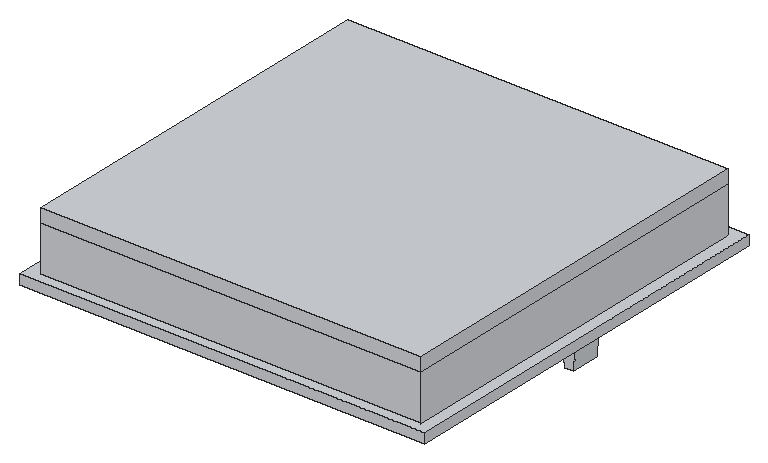
Revit family "Gira_029665", category Electrical Fixtures, host Face, Revit 2017
Family settings
  Host = Face
  Maintain Annotation Orientation = No
  Round Connector Dimension = Use Diameter
  Part Type = Normal
  Cut with Voids When Loaded = No
  Shared = No
  Room Calculation Point = No
Parameters (values of type "Rocker Gira TX_44 (WP FM) c.alum.")
  With exchangeable lens/symbol = "No"
  URL = "http://katalog.gira.de/en/datenblatt.html?artikelnr=029665"
  Suitable for touch sensor connector for bus system = "Yes"
  Scannable symbol / barrier free = "No"
  Name = "Rocker Gira TX_44 (WP FM) c.alum."
  Monitoring window/light outlet = "No"
  Model = "Single rocker"
  Manufacturer URL = "https://www.gira.de/"
  Manufacturer = "Gira"
  Keynote = ""
  HeinzeBIM = "https://bimportal.heinze.de/bim/rocker-gira-tx-44-wp-fm-c-alum-/741e4a9727098cb3e21934a5c6cb53ccefd2c7bf"
  HAN = "029665"
  GTIN = "4010337296652"
  Description = "Rock. TX_44 CAl,Rocker,,colour aluminium,Notes :,- Theft-prevention implemented via optional screw-in clamp piece. This makes plugging of cover frame unnecessary."
  Default Elevation = 1219.2 mm
  Data sheet (1) = "https://katalog.gira.de/en/download.html?artikelnr=029665"
  Category = "Control element/cover plate for domestic switching devices"
  BIM (1) = "https://media.stage.bim.site/public/gira/36a6b08/TX44_Abdeckung_Schalten und Tasten.rfa?public/gira/36a6b08/TX44_Abdeckung_Schalten und Tasten.rfa"
  Available = "No"
Reference planes
  plane 1 "Center (Front/Back)": y = 0
  plane 2: z = 0
  plane 3 "Center (Left/Right)": x = 0
Forms (mm)
  Extrusion 1, solid, detail levels fine
    sketch origin (0, 0, 0) x (1, 0, 0) y (0, 1, 0)
      loop
        line (34.85, 34.85) -> (-34.85, 34.85) -> (-34.85, -34.85) -> (34.85, -34.85) -> (34.85, 34.85)
      loop
        line (-31.45, 31.8) -> (-31.45, -31.8) -> (31.45, -31.8) -> (31.45, 31.8) -> (-31.45, 31.8)
    from 0 to 1.7
  Extrusion 2, solid, detail levels fine
    sketch origin (0, 0, 0) x (1, 0, 0) y (0, 1, 0)
      loop
        line (32.8, 33.05) -> (-32.8, 33.05) -> (-32.8, -33.05) -> (32.8, -33.05) -> (32.8, 33.05)
      loop
        line (-31.45, 31.8) -> (-31.45, -31.8) -> (31.45, -31.8) -> (31.45, 31.8) -> (-31.45, 31.8)
    from 1.566 to 9.515
  Extrusion 3, solid, detail levels fine
    sketch origin (0, 0, 0) x (1, 0, 0) y (0, 1, 0)
      loop
        line (32.8, 33.05) -> (-32.8, 33.05) -> (-32.8, -33.05) -> (32.8, -33.05) -> (32.8, 33.05)
    from 9.515 to 11.816
  Extrusion 4, solid, detail levels fine
    sketch origin (0, 0, 0) x (1, 0, 0) y (0, 0, 1)
      loop
        line (-32.815, 0) -> (-34.827, 0) -> (-34.611, -3.084) -> (-33.031, -3.084) -> (-32.815, 0)
      loop
        line (32.815, 0) -> (33.031, -3.084) -> (34.611, -3.084) -> (34.827, 0) -> (32.815, 0)
    from -2.513 to 2.5
  Extrusion 5, solid, detail levels fine
    sketch origin (0, 0, 0) x (1, 0, 0) y (0, 1, 0)
      loop
        spline (-23.686, 23.152) -> (-23.856, 23.114) -> (-24.022, 23.062) -> (-24.184, 22.995) -> (-24.338, 22.915) -> (-24.486, 22.821) -> (-24.624, 22.715) -> (-24.753, 22.597) -> (-24.87, 22.468) -> (-24.977, 22.33) -> (-25.07, 22.183) -> (-25.151, 22.028) -> (-25.218, 21.867)
        line (-25.218, 21.867) -> (-29.35, 10.513) -> (-29.35, -10.487) -> (-25.218, -21.841)
        spline (-25.218, -21.841) -> (-25.151, -22.002) -> (-25.07, -22.156) -> (-24.977, -22.304) -> (-24.87, -22.442) -> (-24.753, -22.571) -> (-24.624, -22.688) -> (-24.486, -22.795) -> (-24.338, -22.888) -> (-24.184, -22.969) -> (-24.022, -23.036) -> (-23.856, -23.088) -> (-23.686, -23.126)
        line (-23.686, -23.126) -> (0, -27.302) -> (23.686, -23.126)
        spline (23.686, -23.126) -> (23.856, -23.088) -> (24.022, -23.036) -> (24.184, -22.969) -> (24.338, -22.888) -> (24.486, -22.795) -> (24.624, -22.688) -> (24.753, -22.571) -> (24.87, -22.442) -> (24.977, -22.304) -> (25.07, -22.156) -> (25.151, -22.002) -> (25.218, -21.841)
        line (25.218, -21.841) -> (29.35, -10.487) -> (29.35, 10.513) -> (25.218, 21.867)
        spline (25.218, 21.867) -> (25.151, 22.028) -> (25.07, 22.183) -> (24.977, 22.33) -> (24.87, 22.468) -> (24.753, 22.597) -> (24.624, 22.715) -> (24.486, 22.821) -> (24.338, 22.915) -> (24.184, 22.995) -> (24.022, 23.062) -> (23.856, 23.114) -> (23.686, 23.152)
        line (23.686, 23.152) -> (0, 27.328) -> (-23.686, 23.152)
      loop
        line (-24.278, 21.525) -> (-28.35, 10.337) -> (-28.35, -10.311) -> (-24.278, -21.498)
        spline (-24.278, -21.498) -> (-24.245, -21.579) -> (-24.204, -21.656) -> (-24.157, -21.73) -> (-24.104, -21.799) -> (-24.045, -21.863) -> (-23.981, -21.922) -> (-23.912, -21.976) -> (-23.838, -22.022) -> (-23.761, -22.063) -> (-23.68, -22.096) -> (-23.597, -22.122) -> (-23.512, -22.141)
        line (-23.512, -22.141) -> (0, -26.287) -> (23.512, -22.141)
        spline (23.512, -22.141) -> (23.597, -22.122) -> (23.68, -22.096) -> (23.761, -22.063) -> (23.838, -22.022) -> (23.912, -21.976) -> (23.981, -21.922) -> (24.045, -21.863) -> (24.104, -21.799) -> (24.157, -21.73) -> (24.204, -21.656) -> (24.245, -21.579) -> (24.278, -21.498)
        line (24.278, -21.498) -> (28.35, -10.311) -> (28.35, 10.337) -> (24.278, 21.525)
        spline (24.278, 21.525) -> (24.245, 21.605) -> (24.204, 21.683) -> (24.157, 21.756) -> (24.104, 21.825) -> (24.045, 21.89) -> (23.981, 21.949) -> (23.912, 22.002) -> (23.838, 22.048) -> (23.761, 22.089) -> (23.68, 22.122) -> (23.597, 22.148) -> (23.512, 22.167)
        line (23.512, 22.167) -> (0, 26.313) -> (-23.512, 22.167)
        spline (-23.512, 22.167) -> (-23.597, 22.148) -> (-23.68, 22.122) -> (-23.761, 22.089) -> (-23.838, 22.048) -> (-23.912, 22.002) -> (-23.981, 21.949) -> (-24.045, 21.89) -> (-24.104, 21.825) -> (-24.157, 21.756) -> (-24.204, 21.683) -> (-24.245, 21.605) -> (-24.278, 21.525)
    from 4.866 to 9.515
  Extrusion 6, solid, detail levels fine
    sketch origin (0, 0, 0) x (1, 0, 0) y (0, 1, 0)
      loop
        arc (0, 8.51) -> (-1.055, 8.223) -> (-1.717, 7.352) r 1.7
        line (-1.717, 7.352) -> (-2.205, 5.894) -> (-2.205, 4.213) -> (-4.36, 4.213)
        arc (-4.36, 4.213) -> (-4.865, 4.091) -> (-5.257, 3.75) r 1.1
        arc (-5.257, 3.75) -> (-6.02, 2.328) -> (-6.406, 0.761) r 6.45
        arc (-6.406, 0.761) -> (-6.7, 0.013) -> (-6.406, -0.735) r 1.1
        arc (-6.406, -0.735) -> (-6.02, -2.302) -> (-5.257, -3.724) r 6.45
        arc (-5.257, -3.724) -> (-4.865, -4.064) -> (-4.36, -4.187) r 1.1
        line (-4.36, -4.187) -> (-2.1, -4.187) -> (-2.1, -5.243)
        arc (-2.1, -5.243) -> (-1.847, -5.944) -> (-1.206, -6.323) r 1.1
        arc (-1.206, -6.323) -> (0, -6.437) -> (1.206, -6.323) r 6.45
        arc (1.206, -6.323) -> (1.847, -5.944) -> (2.1, -5.243) r 1.1
        line (2.1, -5.243) -> (2.1, -4.187) -> (4.36, -4.187)
        arc (4.36, -4.187) -> (4.865, -4.064) -> (5.257, -3.724) r 1.1
        arc (5.257, -3.724) -> (6.02, -2.302) -> (6.406, -0.735) r 6.45
        arc (6.406, -0.735) -> (6.7, 0.013) -> (6.406, 0.761) r 1.1
        arc (6.406, 0.761) -> (6.02, 2.328) -> (5.257, 3.75) r 6.45
        arc (5.257, 3.75) -> (4.865, 4.091) -> (4.36, 4.213) r 1.1
        line (4.36, 4.213) -> (2.205, 4.213) -> (2.205, 5.894) -> (1.717, 7.352)
        arc (1.717, 7.352) -> (1.055, 8.223) -> (0, 8.51) r 1.7
    from -6.834 to 9.515
  Extrusion 7, solid, detail levels coarse
    sketch origin (0, 0, 0) x (1, 0, 0) y (0, 1, 0)
      loop
        line (34.85, 34.85) -> (-34.85, 34.85) -> (-34.85, -34.85) -> (34.85, -34.85) -> (34.85, 34.85)
    from -6.834 to 11.816
  Extrusion 8, solid, detail levels medium
    sketch origin (0, 0, 0) x (1, 0, 0) y (0, 1, 0)
      loop
        line (32.8, 33.05) -> (-32.8, 33.05) -> (-32.8, -33.05) -> (32.8, -33.05) -> (32.8, 33.05)
    from 1.566 to 11.816
  Extrusion 9, solid, detail levels medium
    sketch origin (0, 0, 0) x (1, 0, 0) y (0, 1, 0)
      loop
        line (34.85, 34.85) -> (-34.85, 34.85) -> (-34.85, -34.85) -> (34.85, -34.85) -> (34.85, 34.85)
    from 0 to 1.7
  Extrusion 10, solid, detail levels medium
    sketch origin (0, 0, 0) x (1, 0, 0) y (0, 1, 0)
      loop
        circle (0, 1.036) r 7.473
    from -6.834 to 9.515
  Extrusion 11, solid, detail levels medium
    sketch origin (0, 0, 0) x (1, 0, 0) y (0, 0, 1)
      loop
        line (-32.815, -3.084) -> (-32.815, 0) -> (-34.827, 0) -> (-34.827, -3.084) -> (-32.815, -3.084)
      loop
        line (32.815, -3.084) -> (34.827, -3.084) -> (34.827, 0) -> (32.815, 0) -> (32.815, -3.084)
    from -2.513 to 2.5
Dimensions and locks
  aligned and locked: plane 2 to host face
  aligned and locked: level to host face
